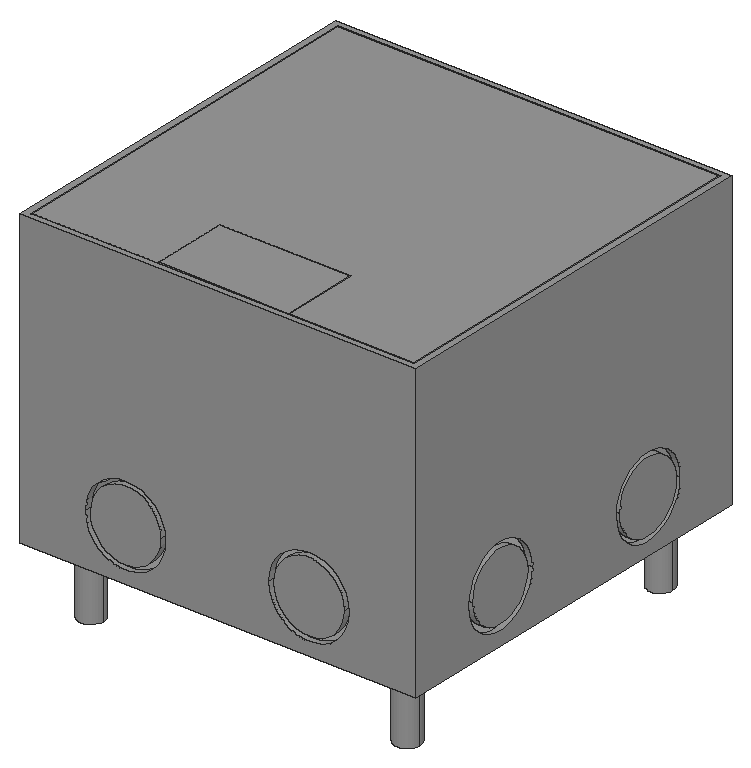
Revit family "Bodensteckdose UDHOME2, mit Edelstahldeckel", category Generic Models, Revit 2015
Parameters (values of type "UDHOME2 BV")
  Width 1 = 121 mm
  Width = 125 mm
  URL = "http://www.obo-bettermann.com"
  Material = Stainless Steel
  Manufacturer Art.No. = "7427019"
  Manufacturer = "OBO Bettermann"
  Length 1 = 121 mm
  Length = 125 mm
  HeightCalc = if(Height < 95 mm, 95 mm, (if(Height > 115 mm, 115 mm, Height)))  # 115 mm
  Height 1 = 93.2 mm
  Height = 115 mm
  GTIN = "4012196149131"
  Cut depth = 92.2 mm
  Article Type = "UDHOME2 BV"
Types (3, lengths in mm): name | Manufacturer Art.No. | GTIN | Article Type
  (no name) | "7427019" | "4012196149131" | "UDHOME2 BV"
  UDHOME2 BV V | "7368384" | "4012195626824" | "UDHOME2 BV V"
  UDHOME2 BV | "7427019" | "4012196149131" | "UDHOME2 BV"
Reference planes
  plane 1 "Center (Front/Back)": y = 0
  plane 2: z = 0
  plane 3 "Center (Left/Right)": x = 0
  plane 4: z = 21.8
  plane 5: z = 115
  plane 6: z = 22.8
  plane 7: z = 111.5
Forms (mm)
  Extrusion 1, solid, material "Stainless Steel" <- "Material"
    sketch origin (0, 0, 0) x (1, 0, 0) y (0, 1, 0)
      loop
        circle (-50, 50) r 4
      loop
        circle (-50, -50) r 4
      loop
        circle (50, 50) r 4
      loop
        circle (50, -50) r 4
    from 0 to 21.8
  Extrusion 2, solid, material "Stainless Steel" <- "Material"
    sketch origin (0, 0, 0) x (1, 0, 0) y (0, 1, 0)
      loop
        line (-62.5, 62.5) -> (-62.5, -62.5) -> (62.5, -62.5) -> (62.5, 62.5) -> (-62.5, 62.5)
    from 21.8 to 115
  Extrusion 3, void
    sketch origin (0, 0, 0) x (1, 0, 0) y (0, 1, 0)
      loop
        line (-60.5, 60.5) -> (-60.5, -60.5) -> (60.5, -60.5) -> (60.5, 60.5) -> (-60.5, 60.5)
    from 22.8 to 115
  Extrusion 4, solid, material "Stainless Steel" <- "Material"
    sketch origin (0, 0, 0) x (1, 0, 0) y (0, 1, 0)
      loop
        line (60.25, -60.25) -> (60.25, 60.25) -> (-60.25, 60.25) -> (-60.25, -60.25) -> (60.25, -60.25)
    from 111.5 to 115
  Extrusion 5, void
    sketch origin (0, 0, 0) x (1, 0, 0) y (0, 1, 0)
      loop
        line (20.8, -60.25) -> (20.8, -35.75) -> (-20.8, -35.75) -> (-20.8, -60.25) -> (20.8, -60.25)
      loop
        line (-20.6, -35.95) -> (-20.6, -60.05) -> (20.6, -60.05) -> (20.6, -35.95) -> (-20.6, -35.95)
    from 111.5 to 115
  Extrusion 6, void
    sketch origin (0, 0, 0) x (1, 0, 0) y (0, 0, 1)
      loop
        circle (-29, 38.6) r 12.75
      loop
        circle (29, 38.8) r 12.75
      loop
        circle (29, 38.8) r 11.15
      loop
        circle (-29, 38.6) r 11.15
    from -62.5 to 62.5
  Extrusion 7, void
    sketch origin (0, 0, 0) x (0, 1, 0) y (0, 0, 1)
      loop
        circle (29.401, 38.6) r 12.75
      loop
        circle (29.401, 38.6) r 11.15
      loop
        circle (-29, 38.8) r 12.75
      loop
        circle (-29, 38.8) r 10.75
    from -62.5 to 62.5
Cuts and joins
  Extrusion 3 cuts Extrusion 1
  Extrusion 3, Extrusion 5, Extrusion 6, Extrusion 7 cuts Extrusion 2
  Extrusion 5 cuts Extrusion 4
Dimensions and locks
  locked: Extrusion 1 sketch curve to plane 3 "Center (Left/Right)" at 50  (x2)
  locked: plane 1 "Center (Front/Back)" to Extrusion 1 sketch curve at 50
  locked: Extrusion 1 sketch curve to plane 1 "Center (Front/Back)" at 50  (x2)
  locked: plane 3 "Center (Left/Right)" to Extrusion 1 sketch curve at 50  (x2)
  plane 1 "Center (Front/Back)" to Extrusion 1 sketch curve = 50 mm
  locked: Extrusion 2 sketch curve to Extrusion 2 sketch curve at 125  (x2)
  locked: Extrusion 2 sketch curve to plane 3 "Center (Left/Right)" at 62.5
  locked: plane 1 "Center (Front/Back)" to Extrusion 2 sketch curve at 62.5
  plane 3 "Center (Left/Right)" to Extrusion 2 = 62.5 mm
  "Height 1": plane 5 to plane 4
  "HeightCalc": plane 5 to level
  "Length 1": Extrusion 3 sketch curve to Extrusion 3 sketch curve
  equal spacing: Extrusion 3 sketch curve, plane 1 "Center (Front/Back)", Extrusion 3 sketch curve
  "Width 1": Extrusion 3 sketch curve to Extrusion 3 sketch curve
  equal spacing: Extrusion 3 sketch curve, plane 3 "Center (Left/Right)", Extrusion 3 sketch curve
  "Cut depth": plane 5 to plane 6
  locked: Extrusion 4 sketch curve to Extrusion 4 sketch curve at 120.5  (x2)
  equal spacing: Extrusion 4 sketch curve, plane 3 "Center (Left/Right)", Extrusion 4 sketch curve, locked at 60.25 each
  equal spacing: Extrusion 4 sketch curve, plane 1 "Center (Front/Back)", Extrusion 4 sketch curve, locked at 60.25 each
  locked: plane 5 to plane 7 at 3.5
  locked: Extrusion 5 sketch curve to Extrusion 5 sketch curve at 41.6
  equal spacing: Extrusion 5 sketch curve, plane 3 "Center (Left/Right)", Extrusion 5 sketch curve, locked at 20.8 each
  locked: Extrusion 4 to Extrusion 5 sketch curve at 24.5
  locked: Extrusion 6 sketch curve to cut or joined group of Extrusion 2, Extrusion 3, Extrusion 5, Extrusion 6, Extrusion 7 at 16.8  (x2)
  locked: plane 3 "Center (Left/Right)" to Extrusion 6 sketch curve at 29  (x2)
  locked: Extrusion 6 sketch curve to cut or joined group of Extrusion 2, Extrusion 3, Extrusion 5, Extrusion 6, Extrusion 7 at 17  (x2)
  locked: Extrusion 6 sketch curve to plane 3 "Center (Left/Right)" at 29  (x2)
  cut or joined group of Extrusion 2, Extrusion 3, Extrusion 5, Extrusion 6, Extrusion 7 to Extrusion 7 sketch curve = 16.8 mm
  locked: Extrusion 7 sketch curve to plane 1 "Center (Front/Back)" at 29.401  (x2)
  locked: cut or joined group of Extrusion 2, Extrusion 3, Extrusion 5, Extrusion 6, Extrusion 7 to Extrusion 7 sketch curve at 16.8
  locked: plane 1 "Center (Front/Back)" to Extrusion 7 sketch curve at 29  (x2)
  locked: cut or joined group of Extrusion 2, Extrusion 3, Extrusion 5, Extrusion 6, Extrusion 7 to Extrusion 7 sketch curve at 17  (x2)
  locked: Extrusion 5 sketch curve to Extrusion 5 sketch curve at 0.2
  diameter of Extrusion 1 sketch curve = 8 mm  (x4)
  diameter of Extrusion 6 sketch curve = 25.5 mm  (x2)
  diameter of Extrusion 6 sketch curve = 22.3 mm  (x2)
  diameter of Extrusion 7 sketch curve = 25.5 mm  (x2)
  diameter of Extrusion 7 sketch curve = 22.3 mm
  diameter of Extrusion 7 sketch curve = 21.5 mm
  aligned and locked: level to plane 2
  aligned and locked: plane 4 to Extrusion 1
  aligned and locked: Extrusion 1 to level
  aligned and locked: Extrusion 2 to Extrusion 1
  aligned and locked: plane 5 to Extrusion 2
  aligned and locked: Extrusion 3 to plane 6
  aligned and locked: plane 5 to Extrusion 3
  aligned and locked: Extrusion 4 to plane 7
  aligned and locked: plane 5 to Extrusion 4
  aligned and locked: Extrusion 5 to plane 7
  aligned and locked: Extrusion 2 to Extrusion 5
  aligned and locked: Extrusion 2 to Extrusion 6  (x2)
  aligned and locked: Extrusion 2 to Extrusion 7  (x2)
Automatic sketch dimensions
  Extrusion 5 sketch curve to Extrusion 5 sketch curve = 24.1 mm
  Extrusion 5 sketch curve to Extrusion 5 sketch curve = 0.2 mm  (x3)
